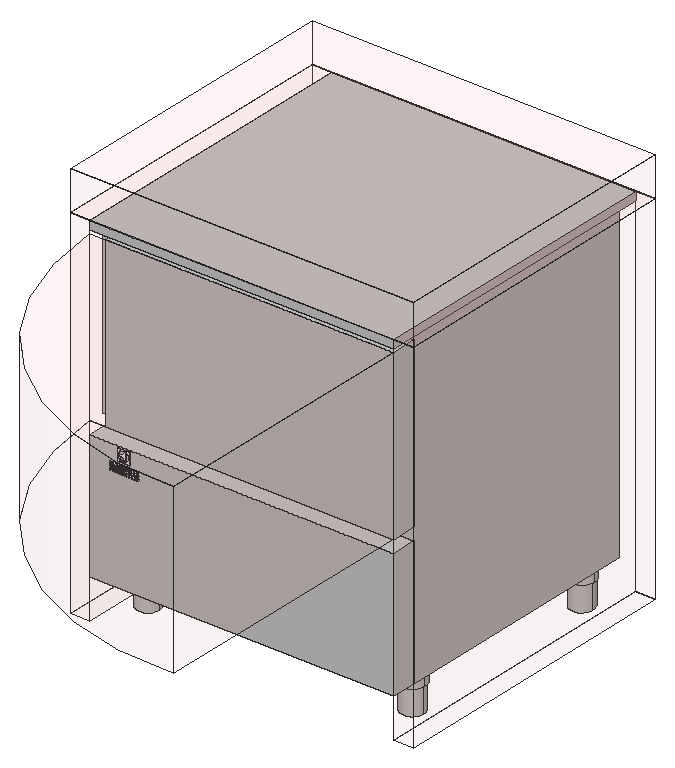
Revit family "QF_ELECTROLUXPROFESSIONAL_725212_ECBCFA025SE", category Attrezzature speciali, Revit 2018
Family settings
  Quota connettore circolare = Usa diametro
  Tipo di parte = Normale
  Basato su piano di lavoro = No
  Sempre verticale = Sì
  Taglio con vuoti quando caricato = No
  Condiviso = No
  Punto di calcolo locali = No
Parameters (values of type "Standard")
  Weight = 85.00 kg
  Watts = 1600 W
  Volts = 220 V
  URL Manufacturer = "https://www.electroluxprofessional.com/"
  URL = "https://www.electroluxprofessional.com/"
  Steam Supply Size = 0 mm
  Steam Supply Minimum Pressure = 0.0 Pa
  Steam Supply Maximum Pressure = 0.0 Pa
  Steam Consumption per Hour = 0
  Show Logo [instance] = yes
  Show Clearance [instance] = yes
  Refrigeration Suction Line Size = 0 mm
  Refrigeration Liquid Line Size = 0 mm
  Refrigerant Compressor Remote = yes
  Produttore = "Electrolux Professional"
  Phase = 1
  Modello = "ECBCFA025SE"
  Length Actual = 762 mm  # constant formula
  Item Number = "725212"
  Hot Water Size = 0 mm
  Height Actual = 902 mm  # constant formula
  HP = "2.1 HP"
  Gas Size = 0 mm
  Gas KW = 0
  Gas Input Pressure = 0 W
  Direct Waste Size = 0 mm
  Descrizione = "BLAST CHILLER/FREEZER CW 25KG 5 GN 1/1 - R452A"
  Depth Actual = 760 mm  # constant formula
  Cycle = 50 Hz
  Condensate Return Size = 0 mm
  Compressed Air Volume = 0.0 L/s
  Compressed Air Size = 0 mm
  Compressed Air Pressure = 0.0 Pa
  Cold Water Size = 0 mm
  Accessory = yes
Types (2, lengths in mm): name | URL | Produttore | Phase | Modello | Descrizione
  (no name) | 0 | 0 | 0 | 0 | 0
  Standard | "https://www.electroluxprofessional.com/" | "Electrolux Professional" | 1 | "ECBCFA025SE" | "BLAST CHILLER/FREEZER CW 25KG 5 GN 1/1 - R452A"
Values of the unnamed type that differ from the named types
  Weight = 0.00 kg
  Watts = 0 W
  Volts = 0 V
  URL Manufacturer = ""
  Item Number = ""
  HP = ""
  Cycle = 0 Hz
Reference planes
  plane 1 "Center X": y = 167.851
  plane 2: z = 0
  plane 3 "Center Y": x = -378
  plane 4 "LEFT": x = -759
  plane 5 "BACK": y = 547.851
  plane 6 "RIGHT": x = 3
  plane 7 "FRONT": y = -212.149
  plane 8: z = 100
  plane 9 "TOP": z = 902
  plane 10: x = -710
  plane 11: y = 440.851
  plane 12: x = -46
  plane 13: y = -52.149
  plane 14: y = 496.851
  plane 15: z = 882
  plane 16: y = -902.149
Forms (mm)
  Extrusion 1, solid, material "QF_Finishes_Stainless Steel"
    sketch origin (0, 0, 902) x (-1, 0, 0) y (0, -1, 0)
      loop
        line (759, -496.851) -> (759, 147.149) -> (-3, 147.149) -> (-3, -496.851) -> (759, -496.851)
    from -20 to -802
  Extrusion 2, solid, material "QF_Finishes_Stainless Steel"
    sketch origin (-499.727, 496.851, 794) x (1, 0, 0) y (0, 0, -1)
      loop
        circle (121.727, 644) r 10.5
    from 0 to 10
  Extrusion 3, solid, material "QF_Finishes_Stainless Steel"
    sketch origin (-1206.916, -1524, 100) x (-1, 0, 0) y (0, -1, 0)
      loop
        line (-447.916, -1311.851) -> (-1209.916, -1311.851) -> (-1209.916, -1376.851) -> (-447.916, -1376.851) -> (-447.916, -1311.851)
    from 320.766 to 0
  Extrusion 4, solid, material "QF_Finishes_Stainless Steel"
    sketch origin (-1225.916, -1562, 130) x (0, -1, 0) y (-1, 0, 0)
      loop
        circle (-1673.851, -847.916) r 9.5
    from 30 to 40
  Extrusion 5, solid, material "QF_Finishes_Stainless Steel"
    sketch origin (-623, 0, 1060.038) x (1, 0, 0) y (0, 1, 0)
      loop
        line (626, -212.149) -> (626, -147.149) -> (-136, -147.149) -> (-136, -212.149) -> (626, -212.149)
    from -186.804 to -608.038
  Extrusion 6, solid, material "QF_Finishes_Stainless Steel"
    sketch origin (-1206.916, -1524, 882) x (-1, 0, 0) y (0, -1, 0)
      loop
        line (-447.916, -2071.851) -> (-447.916, -1311.851) -> (-1209.916, -1311.851) -> (-1209.916, -2071.851) -> (-447.916, -2071.851)
    from 20 to 0
  Extrusion 7, solid, material "QF_Clearance", visible <- "Show Clearance"
    sketch origin (0, 0, 0) x (1, 0, 0) y (0, 1, 0)
      loop
        line (-759, 547.851) -> (-809, 547.851) -> (-809, -212.149) -> (-759, -212.149) -> (-759, 547.851)
      loop
        line (53, 547.851) -> (3, 547.851) -> (3, -212.149) -> (53, -212.149) -> (53, 547.851)
    from 0 to 902
  Extrusion 8, solid, material "QF_Clearance", visible <- "Show Clearance"
    sketch origin (0, 0, 0) x (1, 0, 0) y (0, 1, 0)
      loop
        line (-809, 547.851) -> (-809, -212.149) -> (53, -212.149) -> (53, 547.851) -> (-809, 547.851)
    from 902 to 1002
  Extrusion 9, void
    sketch origin (0, 0, 0) x (1, 0, 0) y (0, 1, 0)
      loop
        line (-759, -212.149) -> (-719, -212.149) -> (-719, -172.149) -> (-759, -172.149) -> (-759, -212.149)
    from 452 to 873.234
  Extrusion 10, solid, material "QF_Clearance"
    sketch origin (0, 0, 0) x (1, 0, 0) y (0, 1, 0)
      loop
        line (3, -902.149) -> (3, -212.149) -> (-759, -212.149)
        arc (-759, -212.149) -> (-521.162, -715.25) -> (3, -902.149) r 725.966
    from 452 to 873.234
Cuts and joins
  joined: Extrusion 1, Extrusion 2, Extrusion 4
  Extrusion 9 cuts Extrusion 3
  Extrusion 9 cuts Extrusion 7
  Extrusion 9 cuts Extrusion 5
Lines and regions (mm)
  Split face 1
    outline origin (3, -212.149, 100) x (-1, 0, 0) y (0, 0, -1)
      loop
        line (762, -254.5) -> (544.5, -254.5) -> (522.858, -232.858) -> (239.142, -232.858) -> (217.5, -254.5) -> (0, -254.5)
  Split face 2
    outline origin (3, -212.149, 100) x (-1, 0, 0) y (0, 0, -1)
      loop
        line (762, -212) -> (0, -212)
  Split face 3
    outline origin (3, -212.149, 100) x (-1, 0, 0) y (0, 0, -1)
      loop
        line (408.5, -305.998) -> (408.5, -290.998) -> (353.5, -290.998) -> (353.5, -305.998) -> (408.5, -305.998)
  Split face 4
    outline origin (3, -212.149, 75) x (-1, 0, 0) y (0, 0, -1)
      loop
        line (408.5, -305.998) -> (408.5, -290.998) -> (353.5, -290.998) -> (353.5, -305.998) -> (408.5, -305.998)
  symbolic lines
    curve 1: line (-759, 547.851, 902) -> (3, 547.851, 902)
    curve 2: line (-759, -212.149, 902) -> (-759, 547.851, 902)
    curve 3: line (3, 547.851, 902) -> (3, -212.149, 902)
    curve 4: line (3, -212.149, 0) -> (-759, -212.149, 0)
  symbolic lines, style "QF_Clearances"
    curve 5: line (-809, 547.851, 0) -> (-809, -212.149, 0)
    curve 6: line (-809, -212.149, 0) -> (-759, -212.149, 0)
    curve 7: line (53, 547.851, 0) -> (3, 547.851, 0)
    curve 8: line (53, 547.851, 0) -> (53, -212.149, 0)
    curve 9: line (-759, 547.851, 0) -> (-809, 547.851, 0)
    curve 10: line (3, -212.149, 0) -> (53, -212.149, 0)
  symbolic lines, style "QF_Door-Drawer Clearances"
    curve 11: arc (-759, -212.149, 0) -> (-521.162, -715.25, 0) -> (3, -902.149, 0) r 725.966
    curve 12: line (3, -902.149, 0) -> (3, -212.149, 0)
Dimensions and locks
  equal spacing: plane 4 "LEFT", plane 3 "Center Y", plane 6 "RIGHT"
  plane 4 "LEFT" to plane 6 "RIGHT" = 762 mm
  plane 5 "BACK" to plane 7 "FRONT" = 760 mm
  equal spacing: plane 5 "BACK", plane 1 "Center X", plane 7 "FRONT"
  cut or joined group of Extrusion 1, Extrusion 2, Extrusion 4 to Extrusion 2 sketch curve = 381 mm
  level to Extrusion 2 sketch curve = 150 mm
  plane 5 "BACK" to Extrusion 4 sketch curve = 436 mm
  plane 4 "LEFT" to Extrusion 4 sketch curve = 381 mm
  Extrusion 2 sketch curve to plane 4 "LEFT" = 381 mm
  plane 9 "TOP" to plane 2 = 902 mm
  locked: plane 9 "TOP" to plane 15 at 20
  plane 8 to level = 100 mm
  plane 6 "RIGHT" to plane 12 = 49 mm
  plane 5 "BACK" to plane 14 = 51 mm
  plane 5 "BACK" to plane 16 = 1450 mm
  aligned and locked: level to plane 2
  aligned and locked: plane 12 to nested 3
  aligned and locked: plane 12 to nested 2
  aligned and locked: nested 4 to plane 11
  aligned and locked: nested 3 to plane 11
  aligned and locked: Extrusion 1 to plane 4 "LEFT"
  aligned and locked: plane 6 "RIGHT" to Extrusion 1
  aligned and locked: plane 15 to cut or joined group of Extrusion 1, Extrusion 2, Extrusion 4
  aligned and locked: plane 14 to Extrusion 1
  aligned and locked: Extrusion 8 sketch curve to Extrusion 7  (x4)
  aligned and locked: Extrusion 8 to plane 9 "TOP"
Automatic sketch dimensions
  Extrusion 1 sketch curve to plane 6 "RIGHT" = 0 mm
  Extrusion 1 sketch curve to plane 4 "LEFT" = 0 mm
  Extrusion 1 sketch curve to plane 14 = 0 mm
  plane 7 "FRONT" to Extrusion 1 sketch curve = 65 mm
  curve 1 to plane 5 "BACK" = 0 mm
  curve 1 to plane 6 "RIGHT" = 0 mm
  curve 2 to plane 4 "LEFT" = 0 mm
  curve 3 to plane 7 "FRONT" = 0 mm
  curve 2 to plane 7 "FRONT" = 0 mm
  Extrusion 3 sketch curve to plane 6 "RIGHT" = 0 mm
  Extrusion 3 sketch curve to plane 4 "LEFT" = 0 mm
  Extrusion 3 sketch curve to plane 7 "FRONT" = 0 mm
  Extrusion 3 sketch curve to Extrusion 3 sketch curve = 65 mm
  Extrusion 5 sketch curve to plane 7 "FRONT" = 0 mm
  Extrusion 5 sketch curve to plane 10 = 49 mm
  Extrusion 5 sketch curve to plane 6 "RIGHT" = 0 mm
  Extrusion 5 sketch curve to Extrusion 5 sketch curve = 65 mm
  Extrusion 6 sketch curve to plane 5 "BACK" = 0 mm
  Extrusion 6 sketch curve to plane 6 "RIGHT" = 0 mm
  Extrusion 6 sketch curve to plane 4 "LEFT" = 0 mm
  Extrusion 6 sketch curve to plane 7 "FRONT" = 0 mm
  Split face 2 sketch curve to Extrusion 3 = 0 mm
  Extrusion 3 to Split face 2 sketch curve = 0 mm
  Split face 2 sketch curve to Extrusion 3 = 108.766 mm
  Split face 3 sketch curve to Extrusion 3 = 14.768 mm
  Split face 3 sketch curve to Extrusion 3 = 353.5 mm
  Split face 3 sketch curve to Split face 3 sketch curve = 55 mm
  Split face 3 sketch curve to Split face 3 sketch curve = 15 mm
  Split face 4 sketch curve to Extrusion 3 = 39.768 mm
  Split face 4 sketch curve to Extrusion 3 = 353.5 mm
  Split face 4 sketch curve to Split face 4 sketch curve = 55 mm
  Split face 4 sketch curve to Split face 4 sketch curve = 15 mm
  Extrusion 7 sketch curve to plane 7 "FRONT" = 0 mm  (x2)
  Extrusion 7 sketch curve to plane 5 "BACK" = 0 mm  (x2)
  Extrusion 7 sketch curve to plane 4 "LEFT" = 0 mm
  Extrusion 7 sketch curve to plane 6 "RIGHT" = 0 mm
  Extrusion 7 sketch curve to Extrusion 7 sketch curve = 50 mm
  plane 6 "RIGHT" to Extrusion 7 sketch curve = 50 mm
  curve 6 to plane 7 "FRONT" = 0 mm
  curve 5 to plane 5 "BACK" = 0 mm
  plane 6 "RIGHT" to curve 8 = 50 mm
  curve 7 to plane 5 "BACK" = 0 mm
  curve 6 to plane 4 "LEFT" = 0 mm
  curve 9 to plane 4 "LEFT" = 0 mm
  curve 9 to curve 9 = 50 mm
  curve 7 to plane 6 "RIGHT" = 0 mm
  Extrusion 9 sketch curve to plane 4 "LEFT" = 0 mm
  Extrusion 9 sketch curve to plane 7 "FRONT" = 0 mm
  Extrusion 9 sketch curve to plane 10 = 9 mm
  plane 7 "FRONT" to Extrusion 9 sketch curve = 40 mm
  Extrusion 10 sketch curve to plane 4 "LEFT" = 0 mm
  Extrusion 10 sketch curve to plane 6 "RIGHT" = 0 mm
  Extrusion 10 sketch curve to plane 16 = 0 mm
  Extrusion 10 sketch curve to plane 7 "FRONT" = 0 mm
  plane 12 to Extrusion 10 sketch curve = 12.12 mm
  curve 11 to plane 6 "RIGHT" = 0 mm
  curve 11 to plane 16 = 0 mm
  plane 12 to curve 11 = 12.12 mm
  Split face 1 sketch curve to Extrusion 3 = 0 mm
  Extrusion 3 to Split face 1 sketch curve = 0 mm
  Split face 1 sketch curve to Extrusion 3 = 66.266 mm
  Split face 1 sketch curve to Extrusion 3 = 217.5 mm
  Split face 1 sketch curve to Split face 1 sketch curve = 21.642 mm  (x3)
  Split face 1 sketch curve to Extrusion 3 = 87.908 mm
  Split face 1 sketch curve to Extrusion 3 = 239.142 mm
  radius of Extrusion 2 sketch curve = 10.5 mm
  radius of Extrusion 4 sketch curve = 9.5 mm
Nested families
  nested 1: "Foot_Complete" at (-710, -91.149, 0), type "Foot_Complete"
    with H 100 mm
  nested 2: "Foot_Complete" at (-46, -91.149, 0), type "Foot_Complete"
    with H 100 mm
  nested 3: "Foot_Complete" at (-46, 440.851, 0), type "Foot_Complete"
    with H 100 mm
  nested 4: "Foot_Complete" at (-710, 440.851, 0), type "Foot_Complete"
    with H 100 mm
  nested 5: "ELX_Pro_Logo" at (-673, -212.149, 384.5) x (1, 0, 0) z (0, -1, 0), type "ELX_Pro_Logo"
Connectors
  electrical at (-378, 506.851, 150), driven by "Volts"
    settings: on Extrusion 2, index 5, voltage 220 V, apparent load 0 VA, apparent load phase1 0 VA, apparent load phase2 0 VA, apparent load phase3 0 VA, power factor 1, load classification "Altro", number of poles 1, system type 30, power factor state 1, is connector primary yes, connector utility no, sub classification motor no, connector description "Electrical Connection"
  piping at (-378, 111.851, 90), diameter 19
    settings: on cut or joined group of Extrusion 1, Extrusion 2, Extrusion 4, index 6, connector inside diameter 609.6 mm, connector length 0 mm, flow factor 0, pipe flow 0.0 L/s, pressure drop 0.0 Pa, fitting loss kfactor 0, connector angle 0.00°, fixture units 0, engagement length 0 mm, angle of deflection 0.00°, flow configuration 1, flow direction 2, fitting loss method 0, system type 16, joint type 0, gender type 0, connector reference index -1, connector utility 0, adjustable connector no, is connector primary yes, connector description "Drain"
Definition of nested family "Foot_Complete"
  Parameters
    R = 32 mm
    H = 150 mm
  Reference planes
    plane 1 "Centro (Fronte/Retro)": y = 0
    plane 2: z = 0
    plane 3 "Centro (Sinistra/Destra)": x = 0
    plane 4: z = 150
  Forms (mm)
    Revolve 1, solid
      sketch origin (255.05, 0, 608.09) x (0, 0, 1) y (-1, 0, 0)
        loop
          line (-608.09, 255.05) -> (-608.09, 226.55) -> (-544.09, 226.55) -> (-544.09, 223.05) -> (-458.09, 223.05) -> (-458.09, 255.05) -> (-608.09, 255.05)
        axis (-608.09, 255.05) -> (-458.09, 255.05)
      angle from 0 to 360
  Dimensions and locks
    locked: level to Revolve 1 sketch curve at 64
    "R": Revolve 1 sketch curve to plane 3 "Centro (Sinistra/Destra)"
    "H": plane 4 to level
    aligned and locked: level to plane 2
    aligned and locked: plane 4 to Revolve 1 sketch curve
    aligned and locked: Revolve 1 sketch curve to level
    aligned and locked: plane 3 "Centro (Sinistra/Destra)" to Revolve 1 sketch curve
  Automatic sketch dimensions
    Revolve 1 sketch curve to plane 3 "Centro (Sinistra/Destra)" = 0 mm
    plane 3 "Centro (Sinistra/Destra)" to Revolve 1 sketch curve = 28.5 mm
    Revolve 1 sketch curve to Revolve 1 sketch curve = 50 mm
    Revolve 1 sketch curve to Revolve 1 sketch curve = 20 mm
Definition of nested family "ELX_Pro_Logo"
  Parameters (values of type "ELX_Pro_Logo")
    M = none
    Default Elevation = 0 mm
  Reference planes
    plane 1 "Centro (Fronte/Retro)": y = 0
    plane 2: z = 0
    plane 3 "Centro (Sinistra/Destra)": x = 0
  Forms (mm)
    Extrusion 1, solid
      sketch origin (0, 0, 0) x (1, 0, 0) y (0, 1, 0)
        loop
          line (-1219.2, 1219.2) -> (-1219.2, -1219.2) -> (1219.2, -1219.2) -> (1219.2, 1219.2) -> (-1219.2, 1219.2)
      from 0 to -304.8
    Extrusion 2, solid, material <- "M"
      sketch origin (-144.622, -1081.55, 0) x (-1, 0, 0) y (0, -1, 0)
        loop
          line (-111.329, -1069.559) -> (-111.329, -1071.073) -> (-116.048, -1071.073) -> (-116.048, -1072.896) -> (-111.328, -1072.896) -> (-111.328, -1075.549) -> (-116.349, -1075.549) -> (-116.349, -1077.368) -> (-109.396, -1077.368) -> (-109.396, -1073.46) -> (-109.396, -1069.659)
          arc (-109.396, -1069.659) -> (-110.425, -1067.175) -> (-112.909, -1066.146) r 3.513
          line (-112.909, -1066.146) -> (-116.483, -1066.146) -> (-116.483, -1067.963) -> (-112.925, -1067.963)
          arc (-112.925, -1067.963) -> (-111.797, -1068.431) -> (-111.329, -1069.559) r 1.596
        loop
          line (-119.79, -1077.358) -> (-117.856, -1077.358) -> (-117.856, -1072.053) -> (-117.856, -1066.132) -> (-119.79, -1066.132) -> (-119.79, -1072.092) -> (-119.79, -1077.358)
        loop
          line (-122.986, -1069.718) -> (-129.327, -1069.718)
          arc (-129.327, -1069.718) -> (-129.219, -1071.449) -> (-128.497, -1073.026) r 4.757
          arc (-128.497, -1073.026) -> (-125.237, -1074.5) -> (-121.978, -1073.026) r 4.34
          arc (-121.978, -1073.026) -> (-121.072, -1070.207) -> (-121.978, -1067.388) r 4.838
          arc (-121.978, -1067.388) -> (-125.393, -1065.933) -> (-128.809, -1067.388) r 4.737
          line (-128.809, -1067.388) -> (-127.645, -1068.52)
          arc (-127.645, -1068.52) -> (-125.509, -1067.576) -> (-123.374, -1068.52) r 2.888
          arc (-123.374, -1068.52) -> (-123.05, -1069.077) -> (-122.986, -1069.718) r 1.527
        loop
          arc (-127.386, -1071.076) -> (-126.67, -1072.331) -> (-125.331, -1072.872) r 2.201
          arc (-125.331, -1072.872) -> (-123.848, -1072.402) -> (-123.033, -1071.076) r 2.23
          line (-123.033, -1071.076) -> (-127.386, -1071.076)
        loop
          line (-136.862, -1071.886) -> (-138.059, -1073.132)
          arc (-138.059, -1073.132) -> (-130.327, -1070.219) -> (-138.059, -1067.306) r 4.415
          line (-138.059, -1067.306) -> (-136.862, -1068.553)
          arc (-136.862, -1068.553) -> (-132.252, -1070.22) -> (-136.862, -1071.886) r 2.606
        loop
          line (-141.192, -1069.673) -> (-141.192, -1072.494) -> (-142.951, -1072.494) -> (-142.951, -1074.25) -> (-141.195, -1074.25) -> (-141.195, -1077.358) -> (-139.262, -1077.358) -> (-139.262, -1073.332) -> (-139.262, -1069.514)
          arc (-139.262, -1069.514) -> (-140.299, -1066.92) -> (-142.98, -1066.132) r 3.196
          line (-142.98, -1066.132) -> (-142.987, -1067.949)
          arc (-142.987, -1067.949) -> (-141.652, -1068.356) -> (-141.192, -1069.673) r 1.542
        loop
          line (-146.494, -1073.042) -> (-146.494, -1074.25) -> (-144.576, -1074.25) -> (-144.576, -1070.271) -> (-144.576, -1066.132) -> (-146.494, -1066.132) -> (-146.494, -1070.401)
          arc (-146.494, -1070.401) -> (-147.446, -1072.228) -> (-149.489, -1072.494) r 2.229
          line (-149.489, -1072.494) -> (-149.489, -1074.362)
          arc (-149.489, -1074.362) -> (-147.761, -1074.226) -> (-146.494, -1073.042) r 2.627
        loop
          line (-159.833, -1072.246) -> (-159.833, -1066.131) -> (-161.767, -1066.131) -> (-161.767, -1072.17) -> (-161.767, -1077.359) -> (-159.833, -1077.359) -> (-159.833, -1072.246)
        loop
          line (-165.194, -1069.514) -> (-165.194, -1074.25) -> (-163.245, -1074.25) -> (-163.245, -1071.898) -> (-163.245, -1069.098)
          arc (-163.245, -1069.098) -> (-166.96, -1065.769) -> (-170.687, -1069.085) r 3.745
          line (-170.687, -1069.085) -> (-170.687, -1071.898) -> (-170.687, -1074.25) -> (-168.739, -1074.25) -> (-168.739, -1069.514)
          arc (-168.739, -1069.514) -> (-166.967, -1067.742) -> (-165.194, -1069.514) r 1.772
        loop
          line (-174.654, -1070.416) -> (-172.975, -1068.078) -> (-171.578, -1066.131) -> (-173.656, -1066.131) -> (-175.717, -1068.999) -> (-177.779, -1066.131) -> (-179.857, -1066.131) -> (-178, -1068.728) -> (-176.781, -1070.433) -> (-178.29, -1072.488) -> (-179.583, -1074.25) -> (-177.473, -1074.25) -> (-175.717, -1071.818) -> (-173.945, -1074.25) -> (-171.852, -1074.25) -> (-173.052, -1072.608) -> (-174.654, -1070.416)
        loop
          circle (-154.223, -1070.188) r 2.508
        loop
          circle (-154.223, -1070.188) r 4.42
        loop
          line (-110.224, -1058.542) -> (-111.194, -1058.542)
          arc (-111.194, -1058.542) -> (-112.217, -1059.95) -> (-110.924, -1061.114) r 1.3
          line (-110.924, -1061.114) -> (-109.424, -1061.114) -> (-109.424, -1057.223) -> (-110.224, -1057.223) -> (-110.224, -1058.542)
        loop
          line (-110.224, -1060.379) -> (-110.224, -1059.293) -> (-111.03, -1059.293)
          arc (-111.03, -1059.293) -> (-111.43, -1059.836) -> (-111.03, -1060.379) r 0.569
          line (-111.03, -1060.379) -> (-110.224, -1060.379)
        loop
          line (-116.302, -1058.564) -> (-117.128, -1058.564) -> (-117.934, -1057.223) -> (-118.841, -1057.223) -> (-117.833, -1058.884)
          arc (-117.833, -1058.884) -> (-118.214, -1060.282) -> (-117.028, -1061.114) r 1.26
          line (-117.028, -1061.114) -> (-115.503, -1061.114) -> (-115.503, -1057.223) -> (-116.302, -1057.223) -> (-116.302, -1058.564)
        loop
          line (-116.302, -1060.379) -> (-116.302, -1059.293) -> (-117.109, -1059.293)
          arc (-117.109, -1059.293) -> (-117.508, -1059.836) -> (-117.109, -1060.379) r 0.569
          line (-117.109, -1060.379) -> (-116.302, -1060.379)
        loop
          line (-128.923, -1057.223) -> (-129.723, -1057.223) -> (-129.723, -1058.714) -> (-131.187, -1058.714) -> (-131.187, -1059.514) -> (-129.723, -1059.514) -> (-129.723, -1060.314) -> (-131.327, -1060.314) -> (-131.327, -1061.114) -> (-128.923, -1061.114) -> (-128.923, -1057.223)
        loop
          arc (-134.628, -1058.469) -> (-134.992, -1057.588) -> (-135.874, -1057.223) r 1.246
          line (-135.874, -1057.223) -> (-137.13, -1057.223) -> (-137.13, -1058.023) -> (-135.969, -1058.023)
          arc (-135.969, -1058.023) -> (-135.53, -1058.237) -> (-135.427, -1058.714) r 0.558
          line (-135.427, -1058.714) -> (-136.984, -1058.714) -> (-136.984, -1059.514) -> (-135.427, -1059.514) -> (-135.427, -1060.314) -> (-137.092, -1060.314) -> (-137.092, -1061.114) -> (-134.628, -1061.114) -> (-134.628, -1058.469)
        loop
          line (-152.3, -1057.223) -> (-153.1, -1057.223) -> (-153.1, -1061.114) -> (-152.3, -1061.114) -> (-152.3, -1057.223)
        loop
          line (-164.67, -1057.223) -> (-164.67, -1059.67) -> (-166.45, -1057.223) -> (-167.25, -1057.223) -> (-167.25, -1061.114) -> (-166.42, -1061.114) -> (-166.42, -1058.594) -> (-164.64, -1061.114) -> (-163.84, -1061.114) -> (-163.84, -1057.223) -> (-164.67, -1057.223)
        loop
          line (-170.403, -1057.223) -> (-171.262, -1057.223) -> (-171.641, -1058.063) -> (-173.08, -1058.063) -> (-173.459, -1057.223) -> (-174.317, -1057.223) -> (-172.796, -1061.113) -> (-171.996, -1061.113) -> (-170.403, -1057.223)
        loop
          line (-177.493, -1057.223) -> (-179.789, -1057.223) -> (-179.789, -1058.023) -> (-178.293, -1058.023) -> (-178.293, -1061.114) -> (-177.493, -1061.114) -> (-177.493, -1057.223)
        loop
          line (-172.362, -1059.848) -> (-171.945, -1058.83) -> (-172.76, -1058.83) -> (-172.362, -1059.848)
        loop
          circle (-158.484, -1059.145) r 1.288
        loop
          circle (-158.484, -1059.145) r 2.065
        loop
          arc (-146.04, -1058.095) -> (-146.933, -1057.275) -> (-148.145, -1057.245) r 1.725
          arc (-148.145, -1057.245) -> (-148.965, -1058.02) -> (-148.68, -1059.111) r 1.107
          arc (-148.68, -1059.111) -> (-148.103, -1059.465) -> (-147.486, -1059.746) r 5.523
          arc (-147.486, -1059.746) -> (-147.147, -1060.262) -> (-147.708, -1060.52) r 0.407
          arc (-147.708, -1060.52) -> (-148.045, -1060.315) -> (-148.325, -1060.038) r 1.702
          line (-148.325, -1060.038) -> (-149.011, -1060.45)
          arc (-149.011, -1060.45) -> (-148.578, -1060.911) -> (-148.043, -1061.247) r 2.463
          arc (-148.043, -1061.247) -> (-146.373, -1060.466) -> (-147.42, -1058.949) r 1.207
          spline (-147.42, -1058.949) -> (-147.716, -1058.809) -> (-147.932, -1058.678) -> (-148.077, -1058.557) -> (-148.163, -1058.446) -> (-148.198, -1058.347) -> (-148.192, -1058.258) -> (-148.157, -1058.182) -> (-148.102, -1058.118) -> (-148.037, -1058.068) -> (-147.972, -1058.031) -> (-147.917, -1058.008) -> (-147.883, -1058)
          arc (-147.883, -1058) -> (-147.238, -1058.014) -> (-146.759, -1058.446) r 0.925
          line (-146.759, -1058.446) -> (-146.04, -1058.095)
        loop
          arc (-140.18, -1058.095) -> (-141.073, -1057.275) -> (-142.285, -1057.245) r 1.725
          arc (-142.285, -1057.245) -> (-143.106, -1058.02) -> (-142.821, -1059.111) r 1.107
          arc (-142.821, -1059.111) -> (-142.243, -1059.465) -> (-141.627, -1059.746) r 5.523
          arc (-141.627, -1059.746) -> (-141.287, -1060.262) -> (-141.849, -1060.52) r 0.407
          arc (-141.849, -1060.52) -> (-142.185, -1060.315) -> (-142.466, -1060.038) r 1.702
          line (-142.466, -1060.038) -> (-143.151, -1060.45)
          arc (-143.151, -1060.45) -> (-142.719, -1060.911) -> (-142.183, -1061.247) r 2.463
          arc (-142.183, -1061.247) -> (-140.513, -1060.466) -> (-141.56, -1058.949) r 1.207
          spline (-141.56, -1058.949) -> (-141.856, -1058.809) -> (-142.072, -1058.678) -> (-142.218, -1058.557) -> (-142.303, -1058.446) -> (-142.338, -1058.347) -> (-142.333, -1058.258) -> (-142.298, -1058.182) -> (-142.242, -1058.118) -> (-142.177, -1058.068) -> (-142.112, -1058.031) -> (-142.057, -1058.008) -> (-142.023, -1058)
          arc (-142.023, -1058) -> (-141.378, -1058.014) -> (-140.9, -1058.446) r 0.925
          line (-140.9, -1058.446) -> (-140.18, -1058.095)
        loop
          circle (-123.484, -1059.145) r 1.288
        loop
          circle (-123.484, -1059.145) r 2.065
        loop
          line (-130.225, -1113.361) -> (-130.225, -1084.645) -> (-158.979, -1084.645) -> (-158.979, -1113.361) -> (-130.225, -1113.361)
        loop
          arc (-148.442, -1086.055) -> (-157.992, -1098.973) -> (-148.442, -1111.892) r 13.512
          line (-148.442, -1111.892) -> (-148.442, -1086.055)
        loop
          line (-147.127, -1086.055) -> (-147.127, -1087.926)
          arc (-147.127, -1087.926) -> (-143.116, -1095.125) -> (-135.48, -1098.224) r 12.412
          line (-135.48, -1098.224) -> (-131.205, -1098.224)
          arc (-131.205, -1098.224) -> (-136.382, -1088.497) -> (-147.127, -1086.055) r 13.242
        loop
          line (-147.127, -1110.021) -> (-147.127, -1112.224)
          arc (-147.127, -1112.224) -> (-136.374, -1109.53) -> (-131.205, -1099.722) r 13.588
          line (-131.205, -1099.722) -> (-135.48, -1099.722)
          arc (-135.48, -1099.722) -> (-143.116, -1102.822) -> (-147.127, -1110.021) r 12.412
      from 0 to 1.6
  Lines and regions (mm)
    symbolic lines
      curve 1: line (-14.357, 31.811, 0) -> (14.357, 31.811, 0)
      curve 2: line (-14.357, 3.095, 0) -> (-14.357, 31.811, 0)
      curve 3: line (14.357, 3.095, 0) -> (-14.357, 3.095, 0)
      curve 4: line (14.357, 31.811, 0) -> (14.357, 3.095, 0)
      curve 5: line (-8.32, 7.722, 0) -> (-9.387, 8.738, 0)
      curve 6: line (-9.387, 8.738, 0) -> (-10.331, 9.866, 0)
      curve 7: line (-10.331, 9.866, 0) -> (-11.141, 11.095, 0)
      curve 8: line (-11.141, 11.095, 0) -> (-11.805, 12.411, 0)
      curve 9: line (-11.805, 12.411, 0) -> (-12.31, 13.803, 0)
      curve 10: line (-12.31, 13.803, 0) -> (-12.646, 15.26, 0)
      curve 11: line (-12.646, 15.26, 0) -> (-12.8, 16.77, 0)
      curve 12: line (-12.8, 16.77, 0) -> (-10.081, 16.77, 0)
      curve 13: line (-10.081, 16.77, 0) -> (-8.466, 16.661, 0)
      curve 14: line (-8.466, 16.661, 0) -> (-6.88, 16.344, 0)
      curve 15: line (-6.88, 16.344, 0) -> (-5.345, 15.833, 0)
      curve 16: line (-5.345, 15.833, 0) -> (-3.882, 15.143, 0)
      curve 17: line (-3.882, 15.143, 0) -> (-2.511, 14.288, 0)
      curve 18: line (-2.511, 14.288, 0) -> (-1.255, 13.283, 0)
      curve 19: line (-1.255, 13.283, 0) -> (-0.135, 12.143, 0)
      curve 20: line (-0.135, 12.143, 0) -> (0.83, 10.882, 0)
      curve 21: line (0.83, 10.882, 0) -> (1.616, 9.515, 0)
      curve 22: arc (1.616, 9.515, 0) -> (2.419, 7.28, 0) -> (2.7, 4.923, 0) r 10.532
      curve 23: arc (2.7, 4.923, 0) -> (1.362, 4.715, 0) -> (0.011, 4.633, 0) r 14.39
      curve 24: line (0.011, 4.633, 0) -> (-1.56, 4.731, 0)
      curve 25: line (-1.56, 4.731, 0) -> (-3.062, 5.011, 0)
      curve 26: line (-3.062, 5.011, 0) -> (-4.502, 5.462, 0)
      curve 27: line (-4.502, 5.462, 0) -> (-5.866, 6.072, 0)
      curve 28: line (-5.866, 6.072, 0) -> (-7.142, 6.829, 0)
      curve 29: line (-7.142, 6.829, 0) -> (-8.32, 7.722, 0)
      curve 30: line (-10.802, 24.24, 0) -> (-9.872, 25.531, 0)
      curve 31: line (-9.872, 25.531, 0) -> (-8.796, 26.699, 0)
      curve 32: line (-8.796, 26.699, 0) -> (-7.587, 27.728, 0)
      curve 33: line (-7.587, 27.728, 0) -> (-6.258, 28.602, 0)
      curve 34: line (-6.258, 28.602, 0) -> (-4.823, 29.309, 0)
      curve 35: line (-4.823, 29.309, 0) -> (-3.293, 29.832, 0)
      curve 36: line (-3.293, 29.832, 0) -> (-1.683, 30.156, 0)
      curve 37: arc (-1.683, 30.156, 0) -> (0.517, 30.256, 0) -> (2.702, 29.984, 0) r 13.008
      curve 38: arc (2.702, 29.984, 0) -> (2.453, 27.616, 0) -> (1.617, 25.387, 0) r 9.395
      curve 39: line (1.617, 25.387, 0) -> (0.83, 24.018, 0)
      curve 40: line (0.83, 24.018, 0) -> (-0.134, 22.756, 0)
      curve 41: line (-0.134, 22.756, 0) -> (-1.255, 21.615, 0)
      curve 42: line (-1.255, 21.615, 0) -> (-2.512, 20.609, 0)
      curve 43: line (-2.512, 20.609, 0) -> (-3.882, 19.754, 0)
      curve 44: line (-3.882, 19.754, 0) -> (-5.346, 19.063, 0)
      curve 45: line (-5.346, 19.063, 0) -> (-6.881, 18.551, 0)
      curve 46: line (-6.881, 18.551, 0) -> (-8.467, 18.234, 0)
      curve 47: line (-8.467, 18.234, 0) -> (-10.083, 18.125, 0)
      curve 48: line (-10.083, 18.125, 0) -> (-12.798, 18.125, 0)
      curve 49: line (-12.798, 18.125, 0) -> (-12.584, 19.768, 0)
      curve 50: line (-12.584, 19.768, 0) -> (-12.171, 21.343, 0)
      curve 51: line (-12.171, 21.343, 0) -> (-11.572, 22.839, 0)
      curve 52: line (-11.572, 22.839, 0) -> (-10.802, 24.24, 0)
      curve 53: line (4.048, 5.294, 0) -> (4.048, 29.617, 0)
      curve 54: line (4.048, 29.617, 0) -> (5.525, 29.026, 0)
      curve 55: line (5.525, 29.026, 0) -> (6.905, 28.26, 0)
      curve 56: line (6.905, 28.26, 0) -> (8.174, 27.332, 0)
      curve 57: line (8.174, 27.332, 0) -> (9.318, 26.256, 0)
      curve 58: line (9.318, 26.256, 0) -> (10.323, 25.046, 0)
      curve 59: line (10.323, 25.046, 0) -> (11.177, 23.715, 0)
      curve 60: line (11.177, 23.715, 0) -> (11.865, 22.277, 0)
      curve 61: line (11.865, 22.277, 0) -> (12.375, 20.746, 0)
      curve 62: line (12.375, 20.746, 0) -> (12.693, 19.135, 0)
      curve 63: line (12.693, 19.135, 0) -> (12.804, 17.459, 0)
      curve 64: line (12.804, 17.459, 0) -> (12.702, 15.807, 0)
      curve 65: line (12.702, 15.807, 0) -> (12.396, 14.216, 0)
      curve 66: line (12.396, 14.216, 0) -> (11.897, 12.7, 0)
      curve 67: line (11.897, 12.7, 0) -> (11.218, 11.271, 0)
      curve 68: line (11.218, 11.271, 0) -> (10.372, 9.944, 0)
      curve 69: line (10.372, 9.944, 0) -> (9.37, 8.731, 0)
      curve 70: line (9.37, 8.731, 0) -> (8.224, 7.646, 0)
      curve 71: line (8.224, 7.646, 0) -> (6.947, 6.703, 0)
      curve 72: line (6.947, 6.703, 0) -> (5.551, 5.914, 0)
      curve 73: line (5.551, 5.914, 0) -> (4.048, 5.294, 0)
      curve 74: line (-35.227, -8.09, 0) -> (-35.227, -11.891, 0)
      curve 75: arc (-35.227, -11.891, 0) -> (-34.198, -14.375, 0) -> (-31.714, -15.404, 0) r 3.513
      curve 76: line (-31.714, -15.404, 0) -> (-28.139, -15.404, 0)
      curve 77: line (-28.139, -15.404, 0) -> (-28.139, -13.587, 0)
      curve 78: line (-28.139, -13.587, 0) -> (-31.697, -13.587, 0)
      curve 79: arc (-31.697, -13.587, 0) -> (-32.826, -13.119, 0) -> (-33.293, -11.991, 0) r 1.596
      curve 80: line (-33.293, -11.991, 0) -> (-33.293, -10.477, 0)
      curve 81: line (-33.293, -10.477, 0) -> (-28.574, -10.477, 0)
      curve 82: line (-28.574, -10.477, 0) -> (-28.574, -8.654, 0)
      curve 83: line (-28.574, -8.654, 0) -> (-33.294, -8.654, 0)
      curve 84: line (-33.294, -8.654, 0) -> (-33.294, -6.001, 0)
      curve 85: line (-33.294, -6.001, 0) -> (-28.273, -6.001, 0)
      curve 86: line (-28.273, -6.001, 0) -> (-28.273, -4.182, 0)
      curve 87: line (-28.273, -4.182, 0) -> (-35.227, -4.182, 0)
      curve 88: line (-35.227, -4.182, 0) -> (-35.227, -8.09, 0)
      curve 89: line (-24.833, -9.458, 0) -> (-24.833, -4.192, 0)
      curve 90: line (-24.833, -4.192, 0) -> (-26.766, -4.192, 0)
      curve 91: line (-26.766, -4.192, 0) -> (-26.766, -9.497, 0)
      curve 92: line (-26.766, -9.497, 0) -> (-26.766, -15.418, 0)
      curve 93: line (-26.766, -15.418, 0) -> (-24.833, -15.418, 0)
      curve 94: line (-24.833, -15.418, 0) -> (-24.833, -9.458, 0)
      curve 95: arc (-16.125, -8.524, 0) -> (-19.385, -7.05, 0) -> (-22.645, -8.524, 0) r 4.34
      curve 96: arc (-22.645, -8.524, 0) -> (-23.551, -11.343, 0) -> (-22.645, -14.162, 0) r 4.838
      curve 97: arc (-22.645, -14.162, 0) -> (-19.229, -15.617, 0) -> (-15.813, -14.162, 0) r 4.737
      curve 98: line (-15.813, -14.162, 0) -> (-16.978, -13.03, 0)
      curve 99: arc (-16.978, -13.03, 0) -> (-19.113, -13.974, 0) -> (-21.249, -13.03, 0) r 2.888
      curve 100: arc (-21.249, -13.03, 0) -> (-21.572, -12.473, 0) -> (-21.637, -11.832, 0) r 1.527
      curve 101: line (-21.637, -11.832, 0) -> (-15.295, -11.832, 0)
      curve 102: arc (-15.295, -11.832, 0) -> (-15.404, -10.101, 0) -> (-16.125, -8.524, 0) r 4.757
      curve 103: line (-17.236, -10.474, 0) -> (-21.589, -10.474, 0)
      curve 104: arc (-21.589, -10.474, 0) -> (-20.774, -9.148, 0) -> (-19.291, -8.678, 0) r 2.23
      curve 105: arc (-19.291, -8.678, 0) -> (-17.952, -9.219, 0) -> (-17.236, -10.474, 0) r 2.201
      curve 106: arc (-6.563, -8.418, 0) -> (-14.295, -11.331, 0) -> (-6.563, -14.244, 0) r 4.415
      curve 107: line (-6.563, -14.244, 0) -> (-7.761, -12.997, 0)
      curve 108: arc (-7.761, -12.997, 0) -> (-12.371, -11.33, 0) -> (-7.761, -9.664, 0) r 2.606
      curve 109: line (-7.761, -9.664, 0) -> (-6.563, -8.418, 0)
      curve 110: line (-5.361, -4.192, 0) -> (-5.361, -8.218, 0)
      curve 111: line (-5.361, -8.218, 0) -> (-5.361, -12.036, 0)
      curve 112: arc (-5.361, -12.036, 0) -> (-4.323, -14.63, 0) -> (-1.642, -15.418, 0) r 3.196
      curve 113: line (-1.642, -15.418, 0) -> (-1.636, -13.601, 0)
      curve 114: arc (-1.636, -13.601, 0) -> (-2.97, -13.194, 0) -> (-3.43, -11.877, 0) r 1.542
      curve 115: line (-3.43, -11.877, 0) -> (-3.43, -9.056, 0)
      curve 116: line (-3.43, -9.056, 0) -> (-1.672, -9.056, 0)
      curve 117: line (-1.672, -9.056, 0) -> (-1.672, -7.299, 0)
      curve 118: line (-1.672, -7.299, 0) -> (-3.427, -7.299, 0)
      curve 119: line (-3.427, -7.299, 0) -> (-3.427, -4.192, 0)
      curve 120: line (-3.427, -4.192, 0) -> (-5.361, -4.192, 0)
      curve 121: line (1.872, -7.3, 0) -> (-0.046, -7.3, 0)
      curve 122: line (-0.046, -7.3, 0) -> (-0.046, -11.279, 0)
      curve 123: line (-0.046, -11.279, 0) -> (-0.046, -15.418, 0)
      curve 124: line (-0.046, -15.418, 0) -> (1.872, -15.418, 0)
      curve 125: line (1.872, -15.418, 0) -> (1.872, -11.149, 0)
      curve 126: arc (1.872, -11.149, 0) -> (2.824, -9.322, 0) -> (4.867, -9.056, 0) r 2.229
      curve 127: line (4.867, -9.056, 0) -> (4.867, -7.188, 0)
      curve 128: arc (4.867, -7.188, 0) -> (3.138, -7.324, 0) -> (1.872, -8.508, 0) r 2.627
      curve 129: line (1.872, -8.508, 0) -> (1.872, -7.3, 0)
      curve 130: arc (7.092, -11.362, 0) -> (9.601, -8.854, 0) -> (12.109, -11.362, 0) r 2.508
      curve 131: arc (12.109, -11.362, 0) -> (9.601, -13.871, 0) -> (7.092, -11.362, 0) r 2.508
      curve 132: arc (5.18, -11.362, 0) -> (9.601, -15.783, 0) -> (14.021, -11.362, 0) r 4.42
      curve 133: arc (14.021, -11.362, 0) -> (9.601, -6.942, 0) -> (5.18, -11.362, 0) r 4.42
      curve 134: line (15.211, -4.191, 0) -> (15.211, -9.304, 0)
      curve 135: line (15.211, -9.304, 0) -> (15.211, -15.419, 0)
      curve 136: line (15.211, -15.419, 0) -> (17.145, -15.419, 0)
      curve 137: line (17.145, -15.419, 0) -> (17.145, -9.38, 0)
      curve 138: line (17.145, -9.38, 0) -> (17.145, -4.191, 0)
      curve 139: line (17.145, -4.191, 0) -> (15.211, -4.191, 0)
      curve 140: line (18.622, -7.299, 0) -> (18.622, -9.652, 0)
      curve 141: line (18.622, -9.652, 0) -> (18.622, -12.452, 0)
      curve 142: arc (18.622, -12.452, 0) -> (22.338, -15.781, 0) -> (26.064, -12.465, 0) r 3.745
      curve 143: line (26.064, -12.465, 0) -> (26.064, -9.652, 0)
      curve 144: line (26.064, -9.652, 0) -> (26.064, -7.299, 0)
      curve 145: line (26.064, -7.299, 0) -> (24.116, -7.299, 0)
      curve 146: line (24.116, -7.299, 0) -> (24.116, -12.036, 0)
      curve 147: arc (24.116, -12.036, 0) -> (22.344, -13.808, 0) -> (20.572, -12.036, 0) r 1.772
      curve 148: line (20.572, -12.036, 0) -> (20.572, -7.299, 0)
      curve 149: line (20.572, -7.299, 0) -> (18.622, -7.299, 0)
      curve 150: line (28.43, -8.942, 0) -> (30.032, -11.134, 0)
      curve 151: line (30.032, -11.134, 0) -> (28.353, -13.472, 0)
      curve 152: line (28.353, -13.472, 0) -> (26.955, -15.419, 0)
      curve 153: line (26.955, -15.419, 0) -> (29.033, -15.419, 0)
      curve 154: line (29.033, -15.419, 0) -> (31.095, -12.551, 0)
      curve 155: line (31.095, -12.551, 0) -> (33.156, -15.419, 0)
      curve 156: line (33.156, -15.419, 0) -> (35.234, -15.419, 0)
      curve 157: line (35.234, -15.419, 0) -> (33.378, -12.822, 0)
      curve 158: line (33.378, -12.822, 0) -> (32.158, -11.117, 0)
      curve 159: line (32.158, -11.117, 0) -> (33.668, -9.062, 0)
      curve 160: line (33.668, -9.062, 0) -> (34.961, -7.3, 0)
      curve 161: line (34.961, -7.3, 0) -> (32.851, -7.3, 0)
      curve 162: line (32.851, -7.3, 0) -> (31.095, -9.732, 0)
      curve 163: line (31.095, -9.732, 0) -> (29.323, -7.3, 0)
      curve 164: line (29.323, -7.3, 0) -> (27.23, -7.3, 0)
      curve 165: line (27.23, -7.3, 0) -> (28.43, -8.942, 0)
      curve 166: line (-35.198, -20.436, 0) -> (-35.198, -24.327, 0)
      curve 167: line (-35.198, -24.327, 0) -> (-34.398, -24.327, 0)
      curve 168: line (-34.398, -24.327, 0) -> (-34.398, -23.008, 0)
      curve 169: line (-34.398, -23.008, 0) -> (-33.428, -23.008, 0)
      curve 170: arc (-33.428, -23.008, 0) -> (-32.405, -21.6, 0) -> (-33.699, -20.436, 0) r 1.3
      curve 171: line (-33.699, -20.436, 0) -> (-35.198, -20.436, 0)
      curve 172: line (-34.398, -22.257, 0) -> (-34.398, -21.171, 0)
      curve 173: line (-34.398, -21.171, 0) -> (-33.592, -21.171, 0)
      curve 174: arc (-33.592, -21.171, 0) -> (-33.192, -21.714, 0) -> (-33.592, -22.257, 0) r 0.569
      curve 175: line (-33.592, -22.257, 0) -> (-34.398, -22.257, 0)
      curve 176: line (-29.12, -20.436, 0) -> (-29.12, -24.327, 0)
      curve 177: line (-29.12, -24.327, 0) -> (-28.32, -24.327, 0)
      curve 178: line (-28.32, -24.327, 0) -> (-28.32, -22.986, 0)
      curve 179: line (-28.32, -22.986, 0) -> (-27.494, -22.986, 0)
      curve 180: line (-27.494, -22.986, 0) -> (-26.688, -24.327, 0)
      curve 181: line (-26.688, -24.327, 0) -> (-25.781, -24.327, 0)
      curve 182: line (-25.781, -24.327, 0) -> (-26.789, -22.666, 0)
      curve 183: arc (-26.789, -22.666, 0) -> (-26.409, -21.268, 0) -> (-27.594, -20.436, 0) r 1.26
      curve 184: line (-27.594, -20.436, 0) -> (-29.12, -20.436, 0)
      curve 185: line (-28.32, -22.257, 0) -> (-28.32, -21.171, 0)
      curve 186: line (-28.32, -21.171, 0) -> (-27.514, -21.171, 0)
      curve 187: arc (-27.514, -21.171, 0) -> (-27.114, -21.714, 0) -> (-27.514, -22.257, 0) r 0.569
      curve 188: line (-27.514, -22.257, 0) -> (-28.32, -22.257, 0)
      curve 189: arc (-22.427, -22.405, 0) -> (-21.138, -21.117, 0) -> (-19.85, -22.405, 0) r 1.288
      curve 190: arc (-19.85, -22.405, 0) -> (-21.138, -23.694, 0) -> (-22.427, -22.405, 0) r 1.288
      curve 191: arc (-23.203, -22.405, 0) -> (-21.138, -24.47, 0) -> (-19.074, -22.405, 0) r 2.065
      curve 192: arc (-19.074, -22.405, 0) -> (-21.138, -20.34, 0) -> (-23.203, -22.405, 0) r 2.065
      curve 193: line (-15.7, -20.436, 0) -> (-15.7, -24.327, 0)
      curve 194: line (-15.7, -24.327, 0) -> (-14.9, -24.327, 0)
      curve 195: line (-14.9, -24.327, 0) -> (-14.9, -22.836, 0)
      curve 196: line (-14.9, -22.836, 0) -> (-13.436, -22.836, 0)
      curve 197: line (-13.436, -22.836, 0) -> (-13.436, -22.036, 0)
      curve 198: line (-13.436, -22.036, 0) -> (-14.9, -22.036, 0)
      curve 199: line (-14.9, -22.036, 0) -> (-14.9, -21.236, 0)
      curve 200: line (-14.9, -21.236, 0) -> (-13.295, -21.236, 0)
      curve 201: line (-13.295, -21.236, 0) -> (-13.295, -20.436, 0)
      curve 202: line (-13.295, -20.436, 0) -> (-15.7, -20.436, 0)
      curve 203: line (-9.995, -20.436, 0) -> (-9.995, -23.081, 0)
      curve 204: arc (-9.995, -23.081, 0) -> (-9.63, -23.962, 0) -> (-8.749, -24.327, 0) r 1.246
      curve 205: line (-8.749, -24.327, 0) -> (-7.492, -24.327, 0)
      curve 206: line (-7.492, -24.327, 0) -> (-7.492, -23.527, 0)
      curve 207: line (-7.492, -23.527, 0) -> (-8.653, -23.527, 0)
      curve 208: arc (-8.653, -23.527, 0) -> (-9.092, -23.313, 0) -> (-9.195, -22.836, 0) r 0.558
      curve 209: line (-9.195, -22.836, 0) -> (-7.639, -22.836, 0)
      curve 210: line (-7.639, -22.836, 0) -> (-7.639, -22.036, 0)
      curve 211: line (-7.639, -22.036, 0) -> (-9.195, -22.036, 0)
      curve 212: line (-9.195, -22.036, 0) -> (-9.195, -21.236, 0)
      curve 213: line (-9.195, -21.236, 0) -> (-7.53, -21.236, 0)
      curve 214: line (-7.53, -21.236, 0) -> (-7.53, -20.436, 0)
      curve 215: line (-7.53, -20.436, 0) -> (-9.995, -20.436, 0)
      curve 216: arc (-4.442, -23.455, 0) -> (-3.549, -24.275, 0) -> (-2.337, -24.305, 0) r 1.725
      curve 217: arc (-2.337, -24.305, 0) -> (-1.517, -23.53, 0) -> (-1.802, -22.439, 0) r 1.107
      curve 218: arc (-1.802, -22.439, 0) -> (-2.379, -22.085, 0) -> (-2.996, -21.804, 0) r 5.523
      curve 219: arc (-2.996, -21.804, 0) -> (-3.336, -21.288, 0) -> (-2.774, -21.03, 0) r 0.407
      curve 220: arc (-2.774, -21.03, 0) -> (-2.437, -21.235, 0) -> (-2.157, -21.512, 0) r 1.702
      curve 221: line (-2.157, -21.512, 0) -> (-1.471, -21.1, 0)
      curve 222: arc (-1.471, -21.1, 0) -> (-1.904, -20.639, 0) -> (-2.44, -20.303, 0) r 2.463
      curve 223: arc (-2.44, -20.303, 0) -> (-4.109, -21.084, 0) -> (-3.062, -22.601, 0) r 1.207
      curve 224: line (-3.062, -22.601, 0) -> (-2.6, -23.549, 0)
      curve 225: arc (-2.6, -23.549, 0) -> (-3.244, -23.536, 0) -> (-3.723, -23.104, 0) r 0.925
      curve 226: line (-3.723, -23.104, 0) -> (-4.442, -23.455, 0)
      curve 227: arc (1.418, -23.455, 0) -> (2.311, -24.275, 0) -> (3.523, -24.305, 0) r 1.725
      curve 228: arc (3.523, -24.305, 0) -> (4.343, -23.53, 0) -> (4.058, -22.439, 0) r 1.107
      curve 229: arc (4.058, -22.439, 0) -> (3.48, -22.085, 0) -> (2.864, -21.804, 0) r 5.523
      curve 230: arc (2.864, -21.804, 0) -> (2.524, -21.288, 0) -> (3.086, -21.03, 0) r 0.407
      curve 231: arc (3.086, -21.03, 0) -> (3.423, -21.235, 0) -> (3.703, -21.512, 0) r 1.702
      curve 232: line (3.703, -21.512, 0) -> (4.389, -21.1, 0)
      curve 233: arc (4.389, -21.1, 0) -> (3.956, -20.639, 0) -> (3.42, -20.303, 0) r 2.463
      curve 234: arc (3.42, -20.303, 0) -> (1.75, -21.084, 0) -> (2.798, -22.601, 0) r 1.207
      curve 235: line (2.798, -22.601, 0) -> (3.26, -23.549, 0)
      curve 236: arc (3.26, -23.549, 0) -> (2.616, -23.536, 0) -> (2.137, -23.104, 0) r 0.925
      curve 237: line (2.137, -23.104, 0) -> (1.418, -23.455, 0)
      curve 238: line (7.678, -24.327, 0) -> (8.478, -24.327, 0)
      curve 239: line (8.478, -24.327, 0) -> (8.478, -20.436, 0)
      curve 240: line (8.478, -20.436, 0) -> (7.678, -20.436, 0)
      curve 241: line (7.678, -20.436, 0) -> (7.678, -24.327, 0)
      curve 242: arc (11.797, -22.405, 0) -> (13.862, -24.47, 0) -> (15.926, -22.405, 0) r 2.065
      curve 243: arc (15.15, -22.405, 0) -> (13.862, -23.694, 0) -> (12.573, -22.405, 0) r 1.288
      curve 244: arc (12.573, -22.405, 0) -> (13.862, -21.117, 0) -> (15.15, -22.405, 0) r 1.288
      curve 245: arc (15.926, -22.405, 0) -> (13.862, -20.34, 0) -> (11.797, -22.405, 0) r 2.065
      curve 246: line (19.217, -20.436, 0) -> (19.217, -24.327, 0)
      curve 247: line (19.217, -24.327, 0) -> (20.048, -24.327, 0)
      curve 248: line (20.048, -24.327, 0) -> (20.048, -21.88, 0)
      curve 249: line (20.048, -21.88, 0) -> (21.828, -24.327, 0)
      curve 250: line (21.828, -24.327, 0) -> (22.628, -24.327, 0)
      curve 251: line (22.628, -24.327, 0) -> (22.628, -20.436, 0)
      curve 252: line (22.628, -20.436, 0) -> (21.797, -20.436, 0)
      curve 253: line (21.797, -20.436, 0) -> (21.797, -22.956, 0)
      curve 254: line (21.797, -22.956, 0) -> (20.017, -20.436, 0)
      curve 255: line (20.017, -20.436, 0) -> (19.217, -20.436, 0)
      curve 256: line (27.374, -20.437, 0) -> (25.781, -24.327, 0)
      curve 257: line (25.781, -24.327, 0) -> (26.64, -24.327, 0)
      curve 258: line (26.64, -24.327, 0) -> (27.018, -23.487, 0)
      curve 259: line (27.018, -23.487, 0) -> (28.458, -23.487, 0)
      curve 260: line (28.458, -23.487, 0) -> (28.836, -24.327, 0)
      curve 261: line (28.836, -24.327, 0) -> (29.695, -24.327, 0)
      curve 262: line (29.695, -24.327, 0) -> (28.174, -20.437, 0)
      curve 263: line (28.174, -20.437, 0) -> (27.374, -20.437, 0)
      curve 264: line (27.322, -22.72, 0) -> (27.739, -21.702, 0)
      curve 265: line (27.739, -21.702, 0) -> (28.137, -22.72, 0)
      curve 266: line (28.137, -22.72, 0) -> (27.322, -22.72, 0)
      curve 267: line (32.87, -20.436, 0) -> (32.87, -24.327, 0)
      curve 268: line (32.87, -24.327, 0) -> (35.166, -24.327, 0)
      curve 269: line (35.166, -24.327, 0) -> (35.166, -23.527, 0)
      curve 270: line (35.166, -23.527, 0) -> (33.67, -23.527, 0)
      curve 271: line (33.67, -23.527, 0) -> (33.67, -20.436, 0)
      curve 272: line (33.67, -20.436, 0) -> (32.87, -20.436, 0)
  Dimensions and locks
    aligned and locked: plane 2 to Extrusion 1
    aligned and locked: level to Extrusion 1
